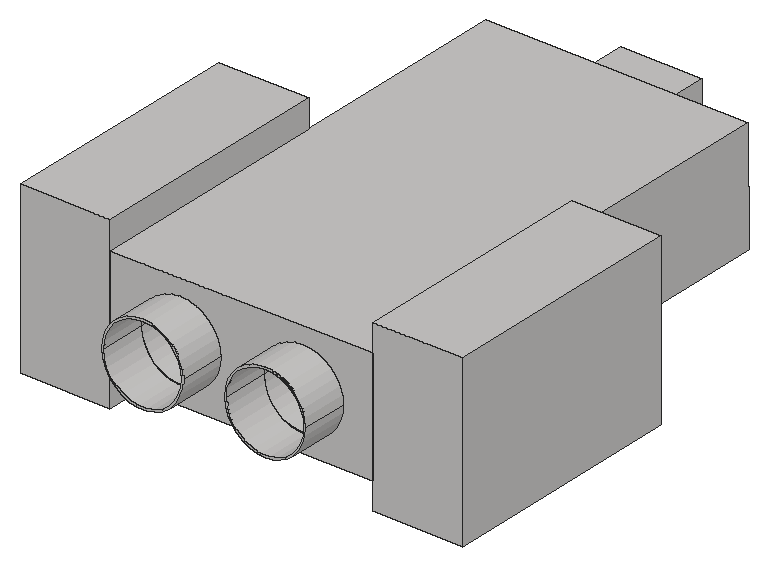
Revit family
Parameters
  Width = 1' - 7"
  Unit Weight = "72.0 lbs"
  URL = "http://www.titus-hvac.com/"
  UL = "181"
  SteriLoc Liner = Liner Option = 3  # no
  Outlet Width = 0' - 5 7/8"
  Outlet Height = 0' - 5 7/8"
  Nominal Width = Width + 1' 1"  # 2' - 8"
  Nominal Length = Length + Inlet Length + 0' 4"  # 3' - 5 3/8"
  Nominal Inlet Size = 0' - 6"
  Nominal Height = if(Height > 1' 0 1/4", Height, 1' 0 1/4")  # 1' - 0 1/4"
  NFPA = "90A"
  Model = "DMDV"
  Min. Air Flow = 0 CFM
  Max. Air Flow = 500 CFM
  Material = Steel
  Manufacturer = "Titus"
  Liner Option = 0
  Length = 2' - 10"
  Inlet Void Radius = Inlet Radius - 0' 0 1/8"  # 0' - 2 13/16"
  Inlet Radius = Inlet Diameter / 2  # 0' - 2 15/16"
  Inlet Offset = 0' - 8 7/8"
  Inlet Length = 0' - 3 3/8"
  Inlet Diameter = Nominal Inlet Size - 0' 0 1/8"  # 0' - 5 7/8"
  Height = 0' - 8 1/4"
  Heat Air Pressure Drop [instance] = 0.00 in-wg
  Heat Air Flow [instance] = 0 CFM
  Fiber Free Liner = Liner Option = 2  # no
  Duct Radius = Nominal Inlet Size / 2  # 0' - 3"
  Description = "Dual Duct Terminal Unit, Digital Control, Pressure Independent, High Performance Mixer"
  Cool Air Pressure Drop [instance] = 0.00 in-wg
  Cool Air Flow [instance] = 0 CFM
  CADworks URL = "www.CADworks.net"
  Assembly Code = "D3040100"
  1/2" Fiberglass Liner = Liner Option = 0  # yes
  1" Fiberglass Liner = Liner Option = 1  # no
Reference planes (in)
  plane 1 "Center (Front/Back)": y = 0
  plane 2: z = 0
  plane 3 "Center (Left/Right)": x = 0
  plane 4: x = 9.5
  plane 5: x = -9.5
  plane 6: y = 17
  plane 7: y = -17
  plane 8: z = 4.125
  plane 9: z = -4.125
  plane 10: x = -4.4375
  plane 11: x = 4.4375
  plane 12: y = -20.375
  plane 13: y = 21
  plane 14: x = -16
  plane 15: x = 16
  plane 16: y = -7
  plane 17: y = 7
  plane 18: z = 6.125
  plane 19: z = -6.125
Forms (in)
  Extrusion 1, solid, material "Steel" <- "Material"
    sketch origin (0, 9.5, -24) x (1, 0, 0) y (0, 0, 1)
      loop
        line (-9.5, 28.125) -> (-9.5, 19.875) -> (9.5, 19.875) -> (9.5, 28.125) -> (-9.5, 28.125)
    from -7.5 to 26.5
  Extrusion 2, solid, material "Steel" <- "Material"
    sketch origin (0, -23.5, 0) x (1, 0, 0) y (0, 0, 1)
      loop
        line (9.5, 6.125) -> (9.5, -6.125) -> (16, -6.125) -> (16, 6.125) -> (9.5, 6.125)
    from -24.5 to -6.5
  Extrusion 3, solid, material "Steel" <- "Material"
    sketch origin (0, -21.5, 0) x (-1, 0, 0) y (0, 0, -1)
      loop
        line (9.5, -6.125) -> (16, -6.125) -> (16, 6.125) -> (9.5, 6.125) -> (9.5, -6.125)
    from -22.5 to -4.5
  Extrusion 4, solid, material "Steel" <- "Material"
    sketch origin (0, -19, 0) x (1, 0, 0) y (0, 0, 1)
      loop
        circle (-4.4375, 0) r 2.9375
    from -2 to 1.375
  Extrusion 5, solid, material "Steel" <- "Material"
    sketch origin (0, -19, 0) x (-1, 0, 0) y (0, 0, -1)
      loop
        circle (-4.4375, 0) r 2.9375
    from -2 to 1.375
  Extrusion 6, void
    sketch origin (0, -10.375, 0) x (1, 0, 0) y (0, 0, 1)
      loop
        circle (-4.4375, 0) r 2.8125
    from -17.375 to 10
  Extrusion 7, void
    sketch origin (0, 0, 0) x (1, 0, 0) y (0, 0, 1)
      loop
        circle (4.4375, 0) r 2.8125
    from -7 to 20.375
  Extrusion 8, solid, material "Steel" <- "Material"
    sketch origin (0, 23, 0) x (1, 0, 0) y (0, 0, 1)
      loop
        line (-2.9375, 2.9375) -> (-2.9375, -2.9375) -> (2.9375, -2.9375) -> (2.9375, 2.9375) -> (-2.9375, 2.9375)
    from 2 to 6
  Extrusion 9, void
    sketch origin (0, 21.5, 0) x (1, 0, 0) y (0, 0, 1)
      loop
        line (-2.6875, 2.6875) -> (-2.6875, -2.6875) -> (2.6875, -2.6875) -> (2.6875, 2.6875) -> (-2.6875, 2.6875)
    from 0.5 to 28.5
Cuts and joins
  Extrusion 6, Extrusion 7, Extrusion 9 cuts Extrusion 1
  Extrusion 6 cuts Extrusion 4
  Extrusion 7 cuts Extrusion 5
  Extrusion 9 cuts Extrusion 8
Dimensions and locks (in)
  "Length": plane 7 to plane 6
  equal spacing: plane 7, plane 1 "Center (Front/Back)", plane 6
  "Width": plane 5 to plane 4
  equal spacing: plane 5, plane 3 "Center (Left/Right)", plane 4
  "Height": plane 9 to plane 8
  equal spacing: plane 9, level, plane 8
  locked: Extrusion 2 to plane 7 at 18
  locked: Extrusion 2 to Extrusion 2 at 12.25
  equal spacing: Extrusion 2, plane 2, Extrusion 2, locked at 6.125 each
  locked: Extrusion 2 to plane 4 at 6.5
  locked: Extrusion 3 to Extrusion 3 at 12.25
  equal spacing: Extrusion 3, plane 2, Extrusion 3, locked at 6.125 each
  locked: Extrusion 3 to plane 5 at 6.5
  locked: Extrusion 3 to plane 7 at 18
  "Inlet Offset": plane 10 to plane 11
  equal spacing: plane 10, plane 3 "Center (Left/Right)", plane 11
  "Inlet Length": plane 7 to plane 12
  "Inlet Length": plane 7 to Extrusion 4
  "Inlet Length": Extrusion 5 to plane 7
  locked: plane 6 to plane 13 at 4
  "Outlet Width": Extrusion 8 sketch curve to Extrusion 8 sketch curve
  equal spacing: Extrusion 8 sketch curve, plane 3 "Center (Left/Right)", Extrusion 8 sketch curve
  locked: Extrusion 4 sketch curve to level at 0
  locked: Extrusion 4 sketch curve to plane 10 at 0
  locked: Extrusion 5 sketch curve to level at 0
  locked: Extrusion 5 sketch curve to plane 11 at 0
  locked: Extrusion 6 sketch curve to level at 0
  locked: Extrusion 6 sketch curve to plane 10 at 0
  locked: Extrusion 7 sketch curve to level at 0
  locked: Extrusion 7 sketch curve to plane 11 at 0
  locked: cut or joined group of Extrusion 8, Extrusion 9 to Extrusion 9 sketch curve at 0.25  (x3)
  locked: Extrusion 9 sketch curve to cut or joined group of Extrusion 8, Extrusion 9 at 0.25
  "Outlet Height": Extrusion 8 sketch curve to Extrusion 8 sketch curve
  equal spacing: Extrusion 8 sketch curve, plane 2, Extrusion 8 sketch curve
  "Nominal Width": plane 14 to plane 15
  plane 13 to plane 12 = 3' - 5 3/8"
  locked: plane 14 to plane 5 at 6.5
  equal spacing: cut or joined group of Extrusion 8, Extrusion 9, plane 3 "Center (Left/Right)", cut or joined group of Extrusion 8, Extrusion 9
  locked: plane 17 to plane 7 at 24
  locked: plane 16 to plane 6 at 24
  "Inlet Radius": radius of Extrusion 4 sketch curve
  "Inlet Radius": radius of Extrusion 5 sketch curve
  "Inlet Void Radius": radius of Extrusion 6 sketch curve
  "Inlet Void Radius": radius of Extrusion 7 sketch curve
  aligned and locked: plane 6 to Extrusion 1
  aligned and locked: plane 4 to Extrusion 1
  aligned and locked: plane 5 to Extrusion 1
  aligned and locked: plane 7 to Extrusion 1
  aligned and locked: plane 8 to Extrusion 1
  aligned and locked: plane 7 to Extrusion 2
  aligned and locked: plane 7 to Extrusion 3
  aligned and locked: plane 12 to Extrusion 4
  aligned and locked: plane 7 to Extrusion 4
  aligned and locked: plane 7 to Extrusion 5
  aligned and locked: plane 6 to Extrusion 8
  aligned and locked: plane 13 to Extrusion 8
  aligned and locked: plane 12 to cut or joined group of Extrusion 4, Extrusion 6  (x2)
  aligned and locked: plane 12 to cut or joined group of Extrusion 5, Extrusion 7  (x2)
  aligned and locked: plane 13 to cut or joined group of Extrusion 8, Extrusion 9  (x2)
  aligned and locked: plane 14 to Extrusion 3  (x2)
  aligned and locked: plane 15 to Extrusion 2
  aligned and locked: Extrusion 6 to plane 12
  aligned and locked: Extrusion 7 to plane 12
  aligned and locked: Extrusion 9 to plane 13
  aligned and locked: Extrusion 2 to plane 15
  aligned and locked: Extrusion 2 to cut or joined group of Extrusion 1, Extrusion 6, Extrusion 7, Extrusion 9
  aligned and locked: Extrusion 3 to cut or joined group of Extrusion 1, Extrusion 6, Extrusion 7, Extrusion 9
  aligned and locked: cut or joined group of Extrusion 1, Extrusion 6, Extrusion 7, Extrusion 9 to plane 8
  aligned and locked: plane 9 to cut or joined group of Extrusion 1, Extrusion 6, Extrusion 7, Extrusion 9
  aligned and locked: plane 16 to Extrusion 9
  aligned and locked: plane 17 to Extrusion 6
  aligned and locked: Extrusion 7 to cut or joined group of Extrusion 1, Extrusion 6, Extrusion 7, Extrusion 9
Automatic sketch dimensions
  Extrusion 1 sketch curve to plane 5 = 0' - 0"
  Extrusion 1 sketch curve to plane 4 = 0' - 0"
  plane 9 to Extrusion 1 sketch curve = 0' - 0"
  plane 8 to Extrusion 1 sketch curve = 0' - 0"
  Extrusion 2 sketch curve to plane 4 = 0' - 0"
  plane 9 to Extrusion 2 sketch curve = 0' - 2"
  Extrusion 2 sketch curve to Extrusion 2 sketch curve = 0' - 6 1/2"
  Extrusion 2 sketch curve to plane 8 = 0' - 2"
  Extrusion 3 sketch curve to plane 5 = 0' - 0"
  plane 9 to Extrusion 3 sketch curve = 0' - 2"
  Extrusion 3 sketch curve to Extrusion 3 sketch curve = 0' - 6 1/2"
  Extrusion 3 sketch curve to plane 8 = 0' - 2"
Connectors (in)
  hvac at (4.4375, -20.375, 0), driven by "Duct Radius", driven by "Cool Air Pressure Drop", driven by "Cool Air Flow"
    settings: on cut or joined group of Extrusion 5, Extrusion 7, index 1
  hvac at (-4.4375, -20.375, 0), driven by "Duct Radius", driven by "Heat Air Pressure Drop", driven by "Heat Air Flow"
    settings: on cut or joined group of Extrusion 4, Extrusion 6, index 2
  hvac at (0, 21, 0), driven by "Outlet Height", driven by "Outlet Width"
    settings: on cut or joined group of Extrusion 8, Extrusion 9, index 3
